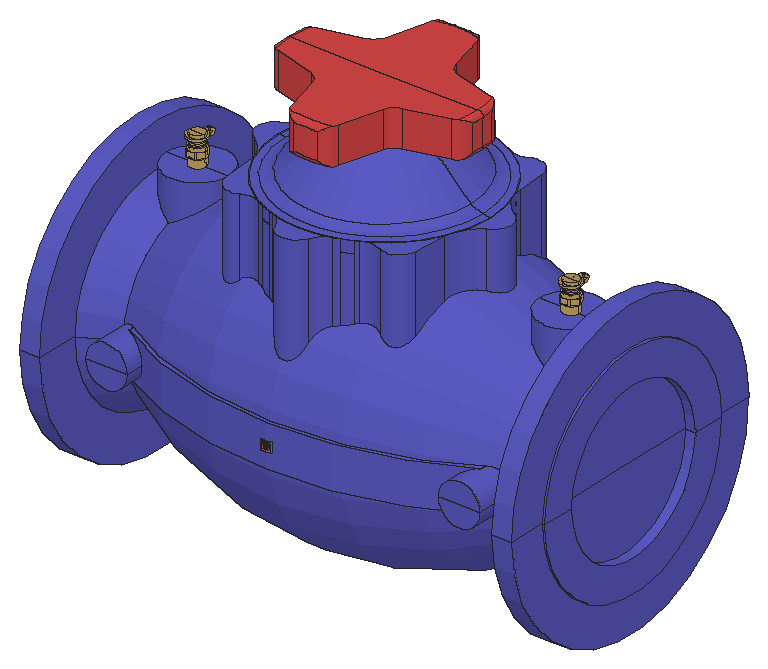
Revit family "HERZ Strömax Балансировочный клапан с измерительными клапанами, шпиндель прямой 4218 GMF", category Rohrzubehör, Revit 2020
Family settings
  Bemaßung runder Anschluss = Durchmesser verwenden
  Teiletyp = Unterbricht
  OmniClass-Nummer = 23.65.55.14
  OmniClass-Titel = Valves for Liquid Services
  Arbeitsebenenbasiert = Nein
  Immer vertikal = Ja
  Beim Laden mit Abzugskörper schneiden = Nein
  Gemeinsam genutzt = Nein
Parameters
  Среда = "Допускается использование этилен- и пропиленгликоля в концентрации смеси 25-50% объема.\r\nКачество теплоносителя в соответствии с ÖNORM H 5195 и VDI 2035."
  Область применения = "Для гидравлической балансировки в системах отопления или охлаждения, регулирования и перекрытия трубопроводов, стояков, теплообменников, регистров отопления и охлаждения."
  Номер заказа [instance] = size_lookup("4218_GMF_", "Artnr", 0, Nennweite)  # 1421851
  Макс. рабочее давление = 1600000.0 Pa  # constant formula
  Макс. рабочая температура (с DN40) = 110 °C  # constant formula
  Макс. рабочая температура (до DN32) = 130 °C  # constant formula
  Корпус = "чугун GJL 250 по EN 1561"  # constant formula
  Исполнение = "STRÖMAX-GMF-Балансировочный клапан с измерительными клапанами DN 25 - 150:\r\nШпиндель прямой, корпус из чугуна GJL 250 по EN 1561, фланцевое исполнение EN 1092, PN 16, синего цвета.\r\nБуксы клапана до DN 100 из латуни, резьбовое соединение, от DN 125 буксы клапана из чугуна, с неподнимающимся шпинделем.\r\nУплотнение шпинделя при помощи двойного кольцевого уплотнения.\r\nПредварительная настройка производится посредством ограничения хода с помощью внутреннего шпинделя, цифровые показания ступени преднастройки считываются в окошке маховика.\r\nДва измерительных клапана монтируются сверху, по обе стороны маховика."
  Измерение перепада давления = "Клапан балансировочный STRÖMAX-GMF укомплектован двумя измерительными клапанами:\r\nпри применении соответствующего измерительного прибора можно измерить перепад давления и по диаграмме определить текущий расход в зависимости от ступени настройки.\r\nНа экране измерительного прибора высвечивается текущее значение расхода (см. руководство по измерительным приборам)."
  kvs-значения [instance] = if(Nennweite = 25.00 mm, 11.53, if(Nennweite = 32.00 mm, 16.6, if(Nennweite = 40.00 mm, 28.6, if(Nennweite = 50.00 mm, 37.84, if(Nennweite = 65.00 mm, 60.3, if(Nennweite = 80.00 mm, 67.8, if(Nennweite = 100.00 mm, 99.55, if(Nennweite = 125.00 mm, 186.58, if(Nennweite = 150.00 mm, 279.05, 0)))))))))  # 279.05
  W02 = 60.00°  # constant formula
  W01 [instance] = if(Nennweite = 25.00 mm, 10.00°, if(Nennweite = 32.00 mm, 10.00°, if(Nennweite = 40.00 mm, 15.00°, if(Nennweite = 50.00 mm, 10.00°, if(Nennweite = 65.00 mm, 25.00°, if(Nennweite = 80.00 mm, 25.00°, 0.80°))))))  # 0.80°
  Букса (до DN100) = "латунь"  # constant formula
  Букса (от DN125) = "чугун"  # constant formula
  Vorgabe-Ansicht = 0.00 mm
  URL = "www.herz-armaturen.ru"
  SCRNSEQ = "ARM;ARM_TYP=\"STRV\";2"
  SCRNCODE = "05;07;02"  # constant formula
  S01 [instance] = Nennweite + 10.00 mm  # 160.00 mm
  R02 [instance] = size_lookup("4218_GMF_", "R2", 1.00 mm, Nennweite)  # 30.00 mm
  R01 [instance] = size_lookup("4218_GMF_", "R1", 1.00 mm, Nennweite)  # 20.00 mm
  O-Ring = "EPDM"  # constant formula
  Nennweite [instance] = 150.00 mm
  L03 [instance] = size_lookup("4218_GMF_", "L3", 1.00 mm, Nennweite)  # 180.00 mm
  L02 [instance] = size_lookup("4218_GMF_", "L2", 1.00 mm, Nennweite)  # 170.00 mm
  L01 [instance] = size_lookup("4218_GMF_", "L1", 1.00 mm, Nennweite)  # 185.00 mm
  L00 [instance] = size_lookup("4218_GMF_", "L", 1.00 mm, Nennweite)  # 480.00 mm
  Hersteller = "HERZ Armaturen Ges.m.b.H."  # constant formula
  H08 [instance] = H02 + H04  # 238.50 mm
  H07 = 10.00 mm  # constant formula
  H06 [instance] = size_lookup("4218_GMF_", "H6", 1.00 mm, Nennweite)  # 56.00 mm
  H05 [instance] = size_lookup("4218_GMF_", "H5", 1.00 mm, Nennweite)  # 11.00 mm
  H04 [instance] = size_lookup("4218_GMF_", "H4", 1.00 mm, Nennweite)  # 78.50 mm
  H03 [instance] = size_lookup("4218_GMF_", "H3", 1.00 mm, Nennweite)  # 118.00 mm
  H02N [instance] = H02 + 11.00 mm  # 171.00 mm
  H02 [instance] = size_lookup("4218_GMF_", "H2", 1.00 mm, Nennweite)  # 160.00 mm
  H01 [instance] = size_lookup("4218_GMF_", "H1", 1.00 mm, Nennweite)  # 122.00 mm
  GT = 10.00 mm  # constant formula
  FLL02 [instance] = size_lookup("4218_GMF_", "FLL2", 1.00 mm, Nennweite)  # 19.00 mm
  FLL01 [instance] = size_lookup("4218_GMF_", "FLL1", 1.00 mm, Nennweite)  # 3.00 mm
  FLD03 [instance] = size_lookup("4218_GMF_", "FLD3", 1.00 mm, Nennweite)  # 84.20 mm
  FLD02 [instance] = size_lookup("4218_GMF_", "FLD2", 1.00 mm, Nennweite)  # 101.00 mm
  FLD01 [instance] = size_lookup("4218_GMF_", "FLD1", 1.00 mm, Nennweite)  # 106.00 mm
  FLD00 [instance] = size_lookup("4218_GMF_", "FLD", 1.00 mm, Nennweite)  # 142.50 mm
  DN80 [instance] = Nennweite = 80.00 mm  # no
  DN65 [instance] = Nennweite = 65.00 mm  # no
  DN50-DN80 [instance] = or(Nennweite = 50.00 mm, Nennweite = 65.00 mm, Nennweite = 80.00 mm)  # no
  DN50 [instance] = Nennweite = 50.00 mm  # no
  DN40 [instance] = Nennweite = 40.00 mm  # no
  DN32 [instance] = Nennweite = 32.00 mm  # no
  DN25-DN40 [instance] = or(Nennweite = 25.00 mm, Nennweite = 32.00 mm, Nennweite = 40.00 mm)  # no
  DN25 [instance] = Nennweite = 25.00 mm  # no
  DN150 [instance] = Nennweite = 150.00 mm  # yes
  DN125 [instance] = Nennweite = 125.00 mm  # no
  DN100-DN125 [instance] = or(Nennweite = 100.00 mm, Nennweite = 125.00 mm, Nennweite = 150.00 mm)  # yes
  DN100 [instance] = Nennweite = 100.00 mm  # no
  D04 [instance] = size_lookup("4218_GMF_", "D4", 1.00 mm, Nennweite)  # 15.00 mm
  D03 [instance] = size_lookup("4218_GMF_", "D3", 1.00 mm, Nennweite)  # 16.00 mm
  D02 [instance] = size_lookup("4218_GMF_", "D2", 1.00 mm, Nennweite)  # 17.00 mm
  D01 [instance] = size_lookup("4218_GMF_", "D1", 1.00 mm, Nennweite)  # 102.50 mm
  D00 [instance] = size_lookup("4218_GMF_", "D", 1.00 mm, Nennweite)  # 140.00 mm
  BH02 [instance] = -BH01  # -20.00 mm
  BH01 [instance] = if(Nennweite = 25.00 mm, 12.00 mm, if(Nennweite = 32.00 mm, 12.50 mm, if(Nennweite = 40.00 mm, 12.50 mm, if(Nennweite = 50.00 mm, 12.50 mm, if(Nennweite = 65.00 mm, 15.00 mm, if(Nennweite = 80.00 mm, 16.00 mm, if(Nennweite = 100.00 mm, 17.50 mm, if(Nennweite = 125.00 mm, 17.50 mm, if(Nennweite = 150.00 mm, 20.00 mm, 1.00 mm)))))))))  # 20.00 mm
  Anschluss [instance] = Nennweite / 2  # 75.00 mm
Reference planes
  plane 1 "Mitte (Vorne/hinten)": y = 0
  plane 2: z = 0
  plane 3 "Mitte (Links/rechts)": x = 0
Forms (mm)
  Revolve 1, solid, material "Herz-Marineblau", detail levels fine
    sketch origin (1058.943, 0, 0) x (1, 0, 0) y (0, 1, 0)
      loop
        line (-1295.943, 142.5) -> (-1295.943, 106) -> (-1298.943, 106) -> (-1298.943, 75) -> (-1288.943, 75) -> (-1288.943, 0) -> (-828.943, 0) -> (-828.943, 75) -> (-818.943, 75) -> (-818.943, 106) -> (-821.943, 106) -> (-821.943, 142.5) -> (-840.943, 142.5) -> (-840.943, 101) -> (-873.943, 84.2)
        arc (-873.943, 84.2) -> (-1058.943, 140) -> (-1243.943, 84.2) r 334.576
        line (-1243.943, 84.2) -> (-1276.943, 101) -> (-1276.943, 142.5) -> (-1295.943, 142.5)
      axis (-1298.943, 0) -> (-818.943, 0)
    angle from 0 to 360
  Revolve 2, solid, material "Herz-Marineblau", detail levels fine
    sketch origin (0, 0, 0) x (1, 0, 0) y (0, 1, 0)
      loop
        line (-170, 122) -> (-190, 122) -> (-190, -122) -> (-170, -122) -> (-170, 122)
      axis (-170, 122) -> (-170, -122)
    angle from 0 to 360
  Revolve 3, solid, material "Herz-Marineblau", detail levels fine
    sketch origin (0, 0, 0) x (-1, 0, 0) y (0, 1, 0)
      loop
        line (-170, 122) -> (-190, 122) -> (-190, -122) -> (-170, -122) -> (-170, 122)
      axis (-170, 122) -> (-170, -122)
    angle from 0 to 360
  Revolve 4, solid, material "Herz-Marineblau", detail levels fine
    sketch origin (0, 0, 0) x (1, 0, 0) y (0, 0, 1)
      loop
        line (0, 0) -> (0, 160) -> (-102.5, 160) -> (-102.5, 0) -> (0, 0)
      axis (0, 160) -> (0, 0)
    angle from 0 to 360
  Revolve 5, solid, material "Herz-Marineblau", detail levels fine
    sketch origin (0, 0, 0) x (1, 0, 0) y (0, 0, 1)
      loop
        line (-178.413, 4.322) -> (-148.416, 4.741) -> (-150.003, 118.419) -> (-180, 118) -> (-178.413, 4.322)
      axis (-180, 118) -> (-178.413, 4.322)
    angle from 0 to 360
  Revolve 6, solid, material "Herz-Marineblau", detail levels fine
    sketch origin (0, 0, 0) x (-1, 0, 0) y (0, 0, 1)
      loop
        line (-178.413, 4.322) -> (-148.416, 4.741) -> (-150.003, 118.419) -> (-180, 118) -> (-178.413, 4.322)
      axis (-180, 118) -> (-178.413, 4.322)
    angle from 0 to 360
  Extrusion 7, solid, material "Herz-Marineblau", visible <- "DN25", detail levels fine
    sketch origin (0, 0, 0) x (1, 0, 0) y (0, 1, 0)
      loop
        line (-40, 18.232) -> (-40, -18.232)
        arc (-40, -18.232) -> (0, -31) -> (40, -18.232) r 69.038
        line (40, -18.232) -> (40, 18.232)
        arc (40, 18.232) -> (0, 31) -> (-40, 18.232) r 69.038
    from -20 <- "BH02" to 20 <- "BH01"
  Extrusion 8, solid, material "Herz-Marineblau", visible <- "DN32", detail levels fine
    sketch origin (0, 0, 0) x (1, 0, 0) y (0, 1, 0)
      loop
        line (-50, 21.35) -> (-50, -21.35)
        arc (-50, -21.35) -> (0, -37) -> (50, -21.35) r 87.698
        line (50, -21.35) -> (50, 21.35)
        arc (50, 21.35) -> (0, 37) -> (-50, 21.35) r 87.698
    from -20 <- "BH02" to 20 <- "BH01"
  Extrusion 9, solid, material "Herz-Marineblau", visible <- "DN40", detail levels fine
    sketch origin (0, 0, 0) x (1, 0, 0) y (0, 1, 0)
      loop
        arc (-60, -22.89) -> (0, -39) -> (60, -22.89) r 119.787
        line (60, -22.89) -> (60, 22.89)
        arc (60, 22.89) -> (0, 39) -> (-60, 22.89) r 119.787
        line (-60, 22.89) -> (-60, -22.89)
    from -20 <- "BH02" to 20 <- "BH01"
  Extrusion 10, solid, material "Herz-Marineblau", visible <- "DN50", detail levels fine
    sketch origin (0, 0, 0) x (1, 0, 0) y (0, 1, 0)
      loop
        line (70, -31.244) -> (70, 31.244)
        arc (70, 31.244) -> (0, 44) -> (-70, 31.244) r 198.442
        line (-70, 31.244) -> (-70, -31.244)
        arc (-70, -31.244) -> (0, -44) -> (70, -31.244) r 198.442
    from -20 <- "BH02" to 20 <- "BH01"
  Extrusion 11, solid, material "Herz-Marineblau", visible <- "DN65", detail levels fine
    sketch origin (0, 0, 0) x (1, 0, 0) y (0, 1, 0)
      loop
        line (-89, 42.065) -> (-89, -42.065)
        arc (-89, -42.065) -> (0, -53) -> (89, -42.065) r 367.662
        line (89, -42.065) -> (89, 42.065)
        arc (89, 42.065) -> (0, 53) -> (-89, 42.065) r 367.662
    from -20 <- "BH02" to 20 <- "BH01"
  Extrusion 12, solid, material "Herz-Marineblau", visible <- "DN80", detail levels fine
    sketch origin (0, 0, 0) x (1, 0, 0) y (0, 1, 0)
      loop
        arc (-100, -47.474) -> (0, -56.538) -> (100, -47.474) r 556.156
        line (100, -47.474) -> (100, 47.474)
        arc (100, 47.474) -> (0, 56.538) -> (-100, 47.474) r 556.156
        line (-100, 47.474) -> (-100, -47.474)
    from -20 <- "BH02" to 20 <- "BH01"
  Extrusion 13, solid, material "Herz-Marineblau", visible <- "DN100", detail levels fine
    sketch origin (0, 0, 0) x (1, 0, 0) y (0, 1, 0)
      loop
        line (-118, 61.457) -> (-118, -61.457)
        arc (-118, -61.457) -> (0, -84.506) -> (118, -61.457) r 313.571
        line (118, -61.457) -> (118, 61.457)
        arc (118, 61.457) -> (0, 84.506) -> (-118, 61.457) r 313.571
    from -20 <- "BH02" to 20 <- "BH01"
  Extrusion 14, solid, material "Herz-Marineblau", visible <- "DN125", detail levels fine
    sketch origin (0, 0, 0) x (1, 0, 0) y (0, 1, 0)
      loop
        line (-140, 76.087) -> (-140, -76.087)
        arc (-140, -76.087) -> (0, -121.009) -> (140, -76.087) r 240.621
        line (140, -76.087) -> (140, 76.087)
        arc (140, 76.087) -> (0, 121.009) -> (-140, 76.087) r 240.621
    from -20 <- "BH02" to 20 <- "BH01"
  Extrusion 15, solid, material "Herz-Marineblau", visible <- "DN150", detail levels fine
    sketch origin (0, 0, 0) x (1, 0, 0) y (0, 1, 0)
      loop
        arc (-170, -95.905) -> (0, -141.967) -> (170, -95.905) r 336.739
        line (170, -95.905) -> (170, 95.905)
        arc (170, 95.905) -> (0, 141.967) -> (-170, 95.905) r 336.739
        line (-170, 95.905) -> (-170, -95.905)
    from -20 <- "BH02" to 20 <- "BH01"
  Extrusion 16, solid, material "Herz-Marineblau", visible <- "DN125", detail levels fine
    sketch origin (0, 0, 0) x (1, 0, 0) y (0, 1, 0)
      loop
        arc (15.676, 98.149) -> (0, 109.5) -> (-15.676, 98.149) r 16.5
        arc (-15.676, 98.149) -> (-20.502, 90.282) -> (-28.346, 85.419) r 20
        arc (-28.346, 85.419) -> (-34.369, 83.168) -> (-40.215, 80.492) r 90
        arc (-40.215, 80.492) -> (-49.468, 78.32) -> (-58.678, 80.663) r 20
        arc (-58.678, 80.663) -> (-75.166, 79.318) -> (-82.2, 64.344) r 16.5
        line (-82.2, 64.344) -> (-85.23, 28.819)
        arc (-85.23, 28.819) -> (-90.21, 20.539) -> (-98.49, 15.56) r 20
        arc (-98.49, 15.56) -> (-109.5, 0) -> (-98.49, -15.56) r 16.5
        arc (-98.49, -15.56) -> (-90.21, -20.539) -> (-85.23, -28.819) r 20
        line (-85.23, -28.819) -> (-82.2, -64.344)
        arc (-82.2, -64.344) -> (-75.166, -79.318) -> (-58.678, -80.663) r 16.5
        arc (-58.678, -80.663) -> (-49.468, -78.32) -> (-40.215, -80.492) r 20
        arc (-40.215, -80.492) -> (-34.369, -83.168) -> (-28.346, -85.419) r 90
        arc (-28.346, -85.419) -> (-20.502, -90.282) -> (-15.676, -98.149) r 20
        arc (-15.676, -98.149) -> (0, -109.5) -> (15.676, -98.149) r 16.5
        arc (15.676, -98.149) -> (20.502, -90.282) -> (28.346, -85.419) r 20
        arc (28.346, -85.419) -> (34.369, -83.168) -> (40.215, -80.492) r 90
        arc (40.215, -80.492) -> (49.468, -78.32) -> (58.678, -80.663) r 20
        arc (58.678, -80.663) -> (75.166, -79.318) -> (82.2, -64.344) r 16.5
        line (82.2, -64.344) -> (85.23, -28.819)
        arc (85.23, -28.819) -> (90.21, -20.539) -> (98.49, -15.56) r 20
        arc (98.49, -15.56) -> (109.5, 0) -> (98.49, 15.56) r 16.5
        arc (98.49, 15.56) -> (90.21, 20.539) -> (85.23, 28.819) r 20
        line (85.23, 28.819) -> (82.2, 64.344)
        arc (82.2, 64.344) -> (75.166, 79.318) -> (58.678, 80.663) r 16.5
        arc (58.678, 80.663) -> (49.468, 78.32) -> (40.215, 80.492) r 20
        arc (40.215, 80.492) -> (34.369, 83.168) -> (28.346, 85.419) r 90
        arc (28.346, 85.419) -> (20.502, 90.282) -> (15.676, 98.149) r 20
    from 0 to 171 <- "H02N"
  Extrusion 17, solid, material "Herz-Marineblau", visible <- "DN150", detail levels fine
    sketch origin (0, 0, 0) x (1, 0, 0) y (0, 1, 0)
      loop
        arc (16.1, 110.958) -> (0, 122.5) -> (-16.1, 110.958) r 17
        arc (-16.1, 110.958) -> (-21.16, 102.981) -> (-29.318, 98.218) r 19.995
        arc (-29.318, 98.218) -> (-39.225, 94.698) -> (-48.72, 90.181) r 102.5
        arc (-48.72, 90.181) -> (-57.856, 87.781) -> (-67.075, 89.844) r 19.995
        arc (-67.075, 89.844) -> (-82.996, 89.381) -> (-91.547, 75.943) r 17
        line (-91.547, 75.943) -> (-94.4, 39.936)
        arc (-94.4, 39.936) -> (-101.42, 25.402) -> (-113.679, 14.903) r 39.4
        arc (-113.679, 14.903) -> (-122.5, 0) -> (-113.679, -14.903) r 17
        arc (-113.679, -14.903) -> (-101.42, -25.402) -> (-94.4, -39.936) r 39.4
        line (-94.4, -39.936) -> (-91.547, -75.943)
        arc (-91.547, -75.943) -> (-82.996, -89.381) -> (-67.075, -89.844) r 17
        arc (-67.075, -89.844) -> (-57.856, -87.781) -> (-48.72, -90.181) r 19.995
        arc (-48.72, -90.181) -> (-39.225, -94.698) -> (-29.318, -98.218) r 102.5
        arc (-29.318, -98.218) -> (-21.16, -102.981) -> (-16.1, -110.958) r 19.995
        arc (-16.1, -110.958) -> (0, -122.5) -> (16.1, -110.958) r 17
        arc (16.1, -110.958) -> (21.16, -102.981) -> (29.318, -98.218) r 19.995
        arc (29.318, -98.218) -> (39.225, -94.698) -> (48.72, -90.181) r 102.5
        arc (48.72, -90.181) -> (57.856, -87.781) -> (67.075, -89.844) r 19.995
        arc (67.075, -89.844) -> (82.996, -89.381) -> (91.547, -75.943) r 17
        line (91.547, -75.943) -> (93.96, -45.484)
        arc (93.96, -45.484) -> (99.132, -28.867) -> (110.958, -16.1) r 39.4
        arc (110.958, -16.1) -> (122.5, 0) -> (110.958, 16.1) r 17
        arc (110.958, 16.1) -> (99.132, 28.867) -> (93.96, 45.484) r 39.4
        line (93.96, 45.484) -> (91.547, 75.943)
        arc (91.547, 75.943) -> (82.996, 89.381) -> (67.075, 89.844) r 17
        arc (67.075, 89.844) -> (57.856, 87.781) -> (48.72, 90.181) r 19.995
        arc (48.72, 90.181) -> (39.225, 94.698) -> (29.318, 98.218) r 102.5
        arc (29.318, 98.218) -> (21.16, 102.981) -> (16.1, 110.958) r 19.995
    from 0 to 171 <- "H02N"
  Revolve 18, solid, material "Herz-Marineblau", detail levels fine
    sketch origin (0, 0, 0) x (1, 0, 0) y (0, 0, 1)
      loop
        line (0, 160) -> (0, 238.5) -> (-15, 238.5) -> (-15, 228.5) -> (-16, 228.5) -> (-16, 227) -> (-17, 227) -> (-17, 171) -> (-102.5, 171) -> (-102.5, 160) -> (0, 160)
      axis (0, 238.5) -> (0, 160)
    angle from 0 to 360
  Revolve 19, solid, material "Herz-Marineblau", visible <- "DN125", detail levels fine
    sketch origin (0, 0, 143) x (1, 0, 0) y (0, 0, 1)
      loop
        line (0, 0) -> (0, 62) -> (-15, 62) -> (-15, 52) -> (-21.8, 52)
        arc (-21.8, 52) -> (-23.44, 48.297) -> (-27.284, 47.023) r 5
        arc (-27.284, 47.023) -> (-30.294, 46.63) -> (-32.827, 44.959) r 6.752
        arc (-32.827, 44.959) -> (-52.854, 27.042) -> (-71.197, 7.406) r 300
        arc (-71.197, 7.406) -> (-77.249, 2.612) -> (-84.666, 0.467) r 20
        line (-84.666, 0.467) -> (-90, 0) -> (0, 0)
      axis (0, 62) -> (0, 0)
    angle from 0 to 360
  Revolve 20, solid, material "Herz-Marineblau", visible <- "DN150", detail levels fine
    sketch origin (0, 0, 171) x (1, 0, 0) y (0, 0, 1)
      loop
        line (0, 67.5) -> (-15, 67.5) -> (-15, 57.5) -> (-21.8, 57.5)
        arc (-21.8, 57.5) -> (-23.44, 53.797) -> (-27.284, 52.523) r 5
        arc (-27.284, 52.523) -> (-29.026, 52.21) -> (-30.549, 51.31) r 5
        arc (-30.549, 51.31) -> (-58.499, 29.932) -> (-83.754, 5.428) r 300
        arc (-83.754, 5.428) -> (-89.037, 2.148) -> (-95.072, 0.65) r 20
        line (-95.072, 0.65) -> (-102.5, 0) -> (0, 0) -> (0, 67.5)
      axis (0, 67.5) -> (0, 0)
    angle from 0 to 360
Lines and regions (mm)
  model lines, detail levels coarse+medium
    curve 1: line (-240, 0, 142.5) -> (-240, 0, -142.5)
    curve 2: line (-240, 0, -142.5) -> (240, 0, 142.5)
    curve 3: line (240, 0, 142.5) -> (240, 0, -142.5)
    curve 4: line (240, 0, -142.5) -> (-240, 0, 142.5)
    curve 5: line (0, 0, 0) -> (137.698, 0, 238.5)
    curve 6: line (68.416, 0, 278.5) -> (206.98, 0, 198.5)
    curve 7: line (-240, 142.5, 0) -> (-240, -142.5, 0)
    curve 8: line (-240, -142.5, 0) -> (240, 142.5, 0)
    curve 9: line (240, 142.5, 0) -> (240, -142.5, 0)
    curve 10: line (240, -142.5, 0) -> (-240, 142.5, 0)
    curve 11: line (0, 0, 0) -> (137.698, 238.5, 0)
    curve 12: line (68.416, 278.5, 0) -> (206.98, 198.5, 0)
Dimensions and locks
  "FLD00": plane 1 "Mitte (Vorne/hinten)" to Revolve 1 sketch curve
  "FLD01": plane 1 "Mitte (Vorne/hinten)" to Revolve 1 sketch curve
  "FLD02": plane 1 "Mitte (Vorne/hinten)" to Revolve 1 sketch curve  (x2)
  "FLD03": plane 1 "Mitte (Vorne/hinten)" to Revolve 1 sketch curve  (x2)
  "GT": Revolve 1 sketch curve to Revolve 1 sketch curve  (x2)
  "FLL01": Revolve 1 sketch curve to Revolve 1 sketch curve  (x2)
  "FLL02": Revolve 1 sketch curve to Revolve 1 sketch curve  (x2)
  equal spacing: Revolve 1 sketch curve, plane 3 "Mitte (Links/rechts)", Revolve 1 sketch curve
  "Anschluss": Revolve 1 sketch curve to plane 1 "Mitte (Vorne/hinten)"
  "Anschluss": plane 1 "Mitte (Vorne/hinten)" to Revolve 1 sketch curve
  "FLD01": Revolve 1 sketch curve to plane 1 "Mitte (Vorne/hinten)"
  "FLD00": Revolve 1 sketch curve to plane 1 "Mitte (Vorne/hinten)"
  "L00": Revolve 1 sketch curve to Revolve 1 sketch curve
  "D00": plane 1 "Mitte (Vorne/hinten)" to Revolve 1 sketch curve
  "L01": Revolve 1 sketch curve to plane 3 "Mitte (Links/rechts)" to Revolve 1 sketch curve
  "L02": Revolve 2 sketch curve to plane 3 "Mitte (Links/rechts)"
  "R01": Revolve 2 sketch curve to Revolve 2 sketch curve
  "H01": Revolve 2 sketch curve to plane 1 "Mitte (Vorne/hinten)" to Revolve 2 sketch curve
  "L02": plane 3 "Mitte (Links/rechts)" to Revolve 3 sketch curve
  "R01": Revolve 3 sketch curve to Revolve 3 sketch curve
  "H01": Revolve 3 sketch curve to plane 1 "Mitte (Vorne/hinten)" to Revolve 3 sketch curve
  "D01": plane 3 "Mitte (Links/rechts)" to Revolve 4 sketch curve
  "H02": Revolve 4 sketch curve to plane 2
  "H03": Revolve 5 sketch curve to plane 2  (x2)
  "R02": Revolve 5 sketch curve to Revolve 5 sketch curve
  "L03": plane 3 "Mitte (Links/rechts)" to Revolve 5 sketch curve  (x2)
  "R02": Revolve 6 sketch curve to Revolve 6 sketch curve
  "L03": Revolve 6 sketch curve to plane 3 "Mitte (Links/rechts)"  (x2)
  "H03": Revolve 6 sketch curve to plane 2  (x2)
  "D01": plane 3 "Mitte (Links/rechts)" to Revolve 18 sketch curve
  "D02": plane 3 "Mitte (Links/rechts)" to Revolve 18 sketch curve
  "D03": plane 3 "Mitte (Links/rechts)" to Revolve 18 sketch curve
  "D04": plane 3 "Mitte (Links/rechts)" to Revolve 18 sketch curve
  "H02": Revolve 18 sketch curve to plane 2
  "H04": Revolve 18 sketch curve to Revolve 18 sketch curve
  "H05": Revolve 18 sketch curve to Revolve 18 sketch curve
  "H06": Revolve 18 sketch curve to Revolve 18 sketch curve
  "H07": Revolve 18 sketch curve to Revolve 18 sketch curve
  "H08": nested 28 to plane 2
  "H08": nested 29 to plane 2
  "H08": nested 30 to plane 2
  "FLD00": curve 4 to plane 2 to curve 2
  "FLD00": curve 3 to plane 2 to curve 4
  equal spacing: curve 1, plane 3 "Mitte (Links/rechts)", curve 3
  "L00": curve 1 to curve 3
  equal spacing: curve 1, curve 5, curve 3
  "H08": curve 5 to plane 2
  equal spacing: curve 6, curve 5, curve 6
  "S01": curve 6 to curve 6
  "FLD00": curve 8 to plane 1 "Mitte (Vorne/hinten)" to curve 10
  "FLD00": curve 10 to plane 1 "Mitte (Vorne/hinten)" to curve 9
  equal spacing: curve 7, plane 3 "Mitte (Links/rechts)", curve 9
  "L00": curve 7 to curve 9
  equal spacing: curve 7, curve 11, curve 9
  "H08": plane 1 "Mitte (Vorne/hinten)" to curve 11
  equal spacing: curve 12, curve 11, curve 12
  "S01": curve 12 to curve 12
  "W01": angle plane 3 "Mitte (Links/rechts)" to Revolve 5 sketch curve  (x2)
  "W01": angle Revolve 6 sketch curve to plane 3 "Mitte (Links/rechts)"  (x2)
  "W02": angle plane 2 to curve 5
  "W02": angle plane 1 "Mitte (Vorne/hinten)" to curve 11
  aligned and locked: level to plane 2
Automatic sketch dimensions
  Extrusion 7 sketch curve to plane 3 "Mitte (Links/rechts)" = 0.00 mm  (x2)
  Extrusion 7 sketch curve to plane 1 "Mitte (Vorne/hinten)" = 18.232 mm  (x2)
  Extrusion 7 sketch curve to plane 3 "Mitte (Links/rechts)" = 40.00 mm
  plane 1 "Mitte (Vorne/hinten)" to Extrusion 7 sketch curve = 18.232 mm
  plane 1 "Mitte (Vorne/hinten)" to Extrusion 7 sketch curve = 38.038 mm
  Extrusion 7 sketch curve to plane 1 "Mitte (Vorne/hinten)" = 38.038 mm
  Extrusion 8 sketch curve to plane 3 "Mitte (Links/rechts)" = 0.00 mm  (x2)
  plane 1 "Mitte (Vorne/hinten)" to Extrusion 8 sketch curve = 21.35 mm  (x2)
  Extrusion 8 sketch curve to plane 3 "Mitte (Links/rechts)" = 50.00 mm
  plane 1 "Mitte (Vorne/hinten)" to Extrusion 8 sketch curve = 50.698 mm
  Extrusion 8 sketch curve to plane 1 "Mitte (Vorne/hinten)" = 21.35 mm
  Extrusion 8 sketch curve to plane 1 "Mitte (Vorne/hinten)" = 50.698 mm
  Extrusion 9 sketch curve to plane 3 "Mitte (Links/rechts)" = 0.00 mm  (x2)
  Extrusion 9 sketch curve to plane 1 "Mitte (Vorne/hinten)" = 22.89 mm  (x2)
  Extrusion 9 sketch curve to plane 3 "Mitte (Links/rechts)" = 60.00 mm
  plane 1 "Mitte (Vorne/hinten)" to Extrusion 9 sketch curve = 22.89 mm
  plane 1 "Mitte (Vorne/hinten)" to Extrusion 9 sketch curve = 80.787 mm
  Extrusion 9 sketch curve to plane 1 "Mitte (Vorne/hinten)" = 80.787 mm
  Extrusion 10 sketch curve to plane 3 "Mitte (Links/rechts)" = 0.00 mm  (x2)
  plane 1 "Mitte (Vorne/hinten)" to Extrusion 10 sketch curve = 31.244 mm  (x2)
  Extrusion 10 sketch curve to plane 3 "Mitte (Links/rechts)" = 70.00 mm
  Extrusion 10 sketch curve to Extrusion 10 sketch curve = 123.198 mm  (x2)
  Extrusion 10 sketch curve to plane 1 "Mitte (Vorne/hinten)" = 31.244 mm
  Extrusion 11 sketch curve to plane 3 "Mitte (Links/rechts)" = 0.00 mm  (x2)
  plane 1 "Mitte (Vorne/hinten)" to Extrusion 11 sketch curve = 42.065 mm  (x2)
  Extrusion 11 sketch curve to plane 3 "Mitte (Links/rechts)" = 89.00 mm
  Extrusion 11 sketch curve to Extrusion 11 sketch curve = 272.597 mm  (x2)
  Extrusion 11 sketch curve to plane 1 "Mitte (Vorne/hinten)" = 42.065 mm
  Extrusion 12 sketch curve to plane 3 "Mitte (Links/rechts)" = 0.00 mm  (x2)
  Extrusion 12 sketch curve to plane 1 "Mitte (Vorne/hinten)" = 47.474 mm
  Extrusion 12 sketch curve to plane 3 "Mitte (Links/rechts)" = 100.00 mm
  plane 1 "Mitte (Vorne/hinten)" to Extrusion 12 sketch curve = 47.474 mm
  plane 3 "Mitte (Links/rechts)" to Extrusion 12 sketch curve = 100.00 mm
  Extrusion 12 sketch curve to Extrusion 12 sketch curve = 452.143 mm  (x2)
  Extrusion 13 sketch curve to plane 3 "Mitte (Links/rechts)" = 0.00 mm  (x2)
  plane 1 "Mitte (Vorne/hinten)" to Extrusion 13 sketch curve = 61.457 mm  (x2)
  Extrusion 13 sketch curve to plane 3 "Mitte (Links/rechts)" = 118.00 mm
  Extrusion 13 sketch curve to Extrusion 13 sketch curve = 167.608 mm  (x2)
  Extrusion 13 sketch curve to plane 1 "Mitte (Vorne/hinten)" = 61.457 mm
  Extrusion 14 sketch curve to plane 3 "Mitte (Links/rechts)" = 0.00 mm  (x2)
  plane 1 "Mitte (Vorne/hinten)" to Extrusion 14 sketch curve = 76.087 mm  (x2)
  Extrusion 14 sketch curve to plane 3 "Mitte (Links/rechts)" = 140.00 mm
  plane 1 "Mitte (Vorne/hinten)" to Extrusion 14 sketch curve = 119.612 mm
  Extrusion 14 sketch curve to plane 1 "Mitte (Vorne/hinten)" = 76.087 mm
  Extrusion 14 sketch curve to plane 1 "Mitte (Vorne/hinten)" = 119.612 mm
  Extrusion 15 sketch curve to plane 3 "Mitte (Links/rechts)" = 0.00 mm  (x2)
  Extrusion 15 sketch curve to plane 1 "Mitte (Vorne/hinten)" = 95.905 mm  (x2)
  Extrusion 15 sketch curve to plane 3 "Mitte (Links/rechts)" = 170.00 mm
  plane 1 "Mitte (Vorne/hinten)" to Extrusion 15 sketch curve = 95.905 mm
  plane 1 "Mitte (Vorne/hinten)" to Extrusion 15 sketch curve = 194.771 mm
  Extrusion 15 sketch curve to plane 1 "Mitte (Vorne/hinten)" = 194.771 mm
  plane 1 "Mitte (Vorne/hinten)" to Extrusion 16 sketch curve = 0.00 mm  (x2)
  Extrusion 16 sketch curve to plane 3 "Mitte (Links/rechts)" = 0.00 mm  (x2)
  plane 1 "Mitte (Vorne/hinten)" to Extrusion 16 sketch curve = 0.047 mm  (x2)
  Extrusion 16 sketch curve to plane 3 "Mitte (Links/rechts)" = 0.141 mm
  Extrusion 16 sketch curve to plane 1 "Mitte (Vorne/hinten)" = 0.047 mm  (x2)
  Extrusion 16 sketch curve to Extrusion 16 sketch curve = 0.00 mm  (x10)
  Extrusion 16 sketch curve to plane 3 "Mitte (Links/rechts)" = 34.677 mm  (x2)
  Extrusion 16 sketch curve to Extrusion 16 sketch curve = 14.605 mm  (x4)
  Extrusion 16 sketch curve to Extrusion 16 sketch curve = 16.479 mm  (x4)
  Extrusion 16 sketch curve to Extrusion 16 sketch curve = 16.439 mm  (x4)
  Extrusion 16 sketch curve to Extrusion 16 sketch curve = 3.03 mm  (x4)
  plane 1 "Mitte (Vorne/hinten)" to Extrusion 16 sketch curve = 28.819 mm  (x2)
  Extrusion 16 sketch curve to Extrusion 16 sketch curve = 7.77 mm  (x2)
  Extrusion 16 sketch curve to Extrusion 16 sketch curve = 19.122 mm  (x4)
  plane 3 "Mitte (Links/rechts)" to Extrusion 16 sketch curve = 0.141 mm
  plane 3 "Mitte (Links/rechts)" to Extrusion 16 sketch curve = 34.677 mm  (x2)
  Extrusion 16 sketch curve to Extrusion 16 sketch curve = 5.862 mm  (x4)
  Extrusion 16 sketch curve to Extrusion 16 sketch curve = 35.525 mm  (x4)
  Extrusion 16 sketch curve to Extrusion 16 sketch curve = 1.417 mm  (x4)
  Extrusion 16 sketch curve to Extrusion 16 sketch curve = 27.239 mm  (x2)
  Extrusion 16 sketch curve to Extrusion 16 sketch curve = 32.558 mm  (x4)
  Extrusion 16 sketch curve to Extrusion 16 sketch curve = 6.072 mm  (x4)
  Extrusion 16 sketch curve to plane 1 "Mitte (Vorne/hinten)" = 28.819 mm  (x2)
  Extrusion 16 sketch curve to plane 3 "Mitte (Links/rechts)" = 15.676 mm  (x2)
  Extrusion 16 sketch curve to Extrusion 16 sketch curve = 11.869 mm  (x4)
  Extrusion 16 sketch curve to plane 1 "Mitte (Vorne/hinten)" = 15.56 mm
  plane 1 "Mitte (Vorne/hinten)" to Extrusion 16 sketch curve = 15.56 mm
  Extrusion 17 sketch curve to Extrusion 17 sketch curve = 0.00 mm  (x25)
  plane 1 "Mitte (Vorne/hinten)" to Extrusion 17 sketch curve = 0.00 mm  (x3)
  Extrusion 17 sketch curve to plane 3 "Mitte (Links/rechts)" = 0.00 mm  (x3)
  Extrusion 17 sketch curve to plane 3 "Mitte (Links/rechts)" = 35.037 mm  (x2)
  Extrusion 17 sketch curve to Extrusion 17 sketch curve = 23.187 mm  (x4)
  Extrusion 17 sketch curve to Extrusion 17 sketch curve = 16.376 mm  (x4)
  Extrusion 17 sketch curve to Extrusion 17 sketch curve = 16.947 mm  (x4)
  Extrusion 17 sketch curve to plane 1 "Mitte (Vorne/hinten)" = 39.936 mm
  Extrusion 17 sketch curve to Extrusion 17 sketch curve = 2.853 mm  (x2)
  plane 1 "Mitte (Vorne/hinten)" to Extrusion 17 sketch curve = 39.936 mm
  Extrusion 17 sketch curve to Extrusion 17 sketch curve = 11.10 mm
  Extrusion 17 sketch curve to Extrusion 17 sketch curve = 38.236 mm  (x2)
  plane 3 "Mitte (Links/rechts)" to Extrusion 17 sketch curve = 35.037 mm  (x2)
  plane 1 "Mitte (Vorne/hinten)" to Extrusion 17 sketch curve = 45.484 mm
  Extrusion 17 sketch curve to Extrusion 17 sketch curve = 2.414 mm  (x2)
  Extrusion 17 sketch curve to plane 1 "Mitte (Vorne/hinten)" = 45.484 mm
  Extrusion 17 sketch curve to Extrusion 17 sketch curve = 11.54 mm
  Extrusion 17 sketch curve to Extrusion 17 sketch curve = 39.277 mm  (x2)
  Extrusion 17 sketch curve to Extrusion 17 sketch curve = 3.113 mm  (x2)
  Extrusion 17 sketch curve to Extrusion 17 sketch curve = 9.507 mm  (x2)
  Extrusion 17 sketch curve to Extrusion 17 sketch curve = 29.116 mm  (x2)
  Extrusion 17 sketch curve to Extrusion 17 sketch curve = 34.664 mm  (x2)
  Extrusion 17 sketch curve to Extrusion 17 sketch curve = 1.343 mm  (x4)
  Extrusion 17 sketch curve to Extrusion 17 sketch curve = 30.90 mm  (x2)
  Extrusion 17 sketch curve to Extrusion 17 sketch curve = 33.174 mm  (x4)
  Extrusion 17 sketch curve to Extrusion 17 sketch curve = 9.604 mm  (x4)
  Extrusion 17 sketch curve to plane 3 "Mitte (Links/rechts)" = 16.10 mm  (x2)
  plane 1 "Mitte (Vorne/hinten)" to Extrusion 17 sketch curve = 16.10 mm
  Revolve 19 sketch curve to plane 3 "Mitte (Links/rechts)" = 0.00 mm  (x2)
  Revolve 19 sketch curve to Revolve 19 sketch curve = 15.00 mm
  Revolve 19 sketch curve to Revolve 19 sketch curve = 6.80 mm
  Revolve 19 sketch curve to Revolve 19 sketch curve = 5.00 mm
  Revolve 19 sketch curve to Revolve 19 sketch curve = 1.137 mm
  Revolve 19 sketch curve to Revolve 19 sketch curve = 56.729 mm
  Revolve 19 sketch curve to Revolve 19 sketch curve = 1.743 mm
  Revolve 19 sketch curve to Revolve 19 sketch curve = 5.334 mm
  Revolve 19 sketch curve to level = 44.36 mm
  plane 3 "Mitte (Links/rechts)" to Revolve 19 sketch curve = 156.983 mm
  level to Revolve 19 sketch curve = 143.00 mm
  Revolve 19 sketch curve to Revolve 19 sketch curve = 0.467 mm
  Revolve 19 sketch curve to Revolve 19 sketch curve = 19.924 mm
  Revolve 19 sketch curve to Revolve 19 sketch curve = 40.303 mm
  Revolve 19 sketch curve to Revolve 19 sketch curve = 11.697 mm
  Revolve 19 sketch curve to Revolve 19 sketch curve = 10.00 mm
  Revolve 19 sketch curve to Revolve 19 sketch curve = 0.00 mm
  Revolve 19 sketch curve to Revolve 19 sketch curve = 5.544 mm
  Revolve 19 sketch curve to level = 223.045 mm
  Revolve 19 sketch curve to Revolve 19 sketch curve = 2152.315 mm
  level to Revolve 20 sketch curve = 171.00 mm
  Revolve 20 sketch curve to plane 3 "Mitte (Links/rechts)" = 0.00 mm  (x2)
  Revolve 20 sketch curve to plane 3 "Mitte (Links/rechts)" = 15.00 mm
  Revolve 20 sketch curve to Revolve 20 sketch curve = 6.80 mm
  Revolve 20 sketch curve to Revolve 20 sketch curve = 5.00 mm
  Revolve 20 sketch curve to Revolve 20 sketch curve = 0.484 mm
  level to Revolve 20 sketch curve = 171.65 mm
  Revolve 20 sketch curve to Revolve 20 sketch curve = 67.788 mm
  Revolve 20 sketch curve to Revolve 20 sketch curve = 1.743 mm
  Revolve 20 sketch curve to Revolve 20 sketch curve = 7.428 mm
  plane 3 "Mitte (Links/rechts)" to Revolve 20 sketch curve = 137.422 mm
  Revolve 20 sketch curve to level = 26.257 mm
  Revolve 20 sketch curve to Revolve 20 sketch curve = 19.924 mm
  level to Revolve 20 sketch curve = 218.523 mm
  Revolve 20 sketch curve to Revolve 20 sketch curve = 9.977 mm
  Revolve 20 sketch curve to Revolve 20 sketch curve = 10.00 mm
  Revolve 20 sketch curve to Revolve 20 sketch curve = 3.265 mm
  Revolve 20 sketch curve to Revolve 20 sketch curve = 168.787 mm
  Revolve 20 sketch curve to Revolve 20 sketch curve = 2146.815 mm
  plane 1 "Mitte (Vorne/hinten)" to Revolve 1 sketch curve = 0.00 mm  (x2)
  Revolve 1 sketch curve to Revolve 1 sketch curve = 35.00 mm
  Revolve 1 sketch curve to Revolve 1 sketch curve = 40.00 mm
  Revolve 2 sketch curve to Revolve 2 sketch curve = 0.00 mm  (x3)
  Revolve 3 sketch curve to Revolve 3 sketch curve = 0.00 mm  (x3)
  Revolve 4 sketch curve to level = 0.00 mm
  Revolve 4 sketch curve to plane 3 "Mitte (Links/rechts)" = 0.00 mm  (x2)
  Revolve 4 sketch curve to Revolve 4 sketch curve = 366.045 mm
  Revolve 4 sketch curve to Revolve 4 sketch curve = 2169.315 mm
  level to Revolve 5 sketch curve = 4.322 mm
  Revolve 6 sketch curve to level = 4.322 mm
  Revolve 18 sketch curve to plane 3 "Mitte (Links/rechts)" = 0.00 mm  (x2)
  Revolve 18 sketch curve to level = 366.045 mm
  Revolve 18 sketch curve to Revolve 18 sketch curve = 2130.015 mm
Nested families
  nested 1: "Herz-Logo-vorne" at (0, -31, 0) x (0, 1, 0) z (0, 0, 1), visible <- "DN25", type "Herz-Logo-vorne", detail levels fine
  nested 2: "Herz-Logo-vorne" at (0, -36.982, 0) x (0, 1, 0) z (0, 0, 1), visible <- "DN32", type "Herz-Logo-vorne", detail levels fine
  nested 3: "Herz-Logo-vorne" at (0, -39, 0) x (0, 1, 0) z (0, 0, 1), visible <- "DN40", type "Herz-Logo-vorne", detail levels fine
  nested 4: "Herz-Logo-vorne" at (0, -44, 0) x (0, 1, 0) z (0, 0, 1), visible <- "DN50", type "Herz-Logo-vorne", detail levels fine
  nested 5: "Herz-Logo-vorne" at (0, -52.982, 0) x (0, 1, 0) z (0, 0, 1), visible <- "DN65", type "Herz-Logo-vorne", detail levels fine
  nested 6: "Herz-Logo-vorne" at (0, -56.521, 0) x (0, 1, 0) z (0, 0, 1), visible <- "DN80", type "Herz-Logo-vorne", detail levels fine
  nested 7: "Herz-Logo-vorne" at (0, -84.489, 0) x (0, 1, 0) z (0, 0, 1), visible <- "DN100", type "Herz-Logo-vorne", detail levels fine
  nested 8: "Herz-Logo-vorne" at (0, -120.991, 0) x (0, 1, 0) z (0, 0, 1), visible <- "DN125", type "Herz-Logo-vorne", detail levels fine
  nested 9: "Herz-Logo-vorne" at (0, -141.95, 0) x (0, 1, 0) z (0, 0, 1), visible <- "DN150", type "Herz-Logo-vorne", detail levels fine
  nested 10: "Messstutzen_Band_Austritt_senkrecht_(oben 10)" at (40.437, 0, 23.137), visible <- "DN25", type "Messstutzen_Band_Austritt_senkrecht_(oben 10)"
    with Schutzkappe yes, Nennweite 0.00 mm, Gewicht 0.00 kg, Bestellnummer 0
  nested 11: "Messstutzen_Band_Austritt_senkrecht_(oben 10)" at (46.437, 0, 23.137), visible <- "DN32", type "Messstutzen_Band_Austritt_senkrecht_(oben 10)"
    with Schutzkappe yes, Nennweite 0.00 mm, Gewicht 0.00 kg, Bestellnummer 0
  nested 12: "Messstutzen_Band_Austritt_senkrecht_(oben 15)" at (49.671, 0, 29.307), visible <- "DN40", type "Messstutzen_Band_Austritt_senkrecht_(oben 15)"
    with Schutzkappe yes, Nennweite 0.00 mm, Gewicht 0.00 kg, Bestellnummer 0
  nested 13: "Messstutzen_Band_Austritt_senkrecht_(oben 10)" at (63.437, 0, 39.137), visible <- "DN50", type "Messstutzen_Band_Austritt_senkrecht_(oben 10)"
    with Schutzkappe yes, Nennweite 0.00 mm, Gewicht 0.00 kg, Bestellnummer 0
  nested 14: "Messstutzen_Band_Austritt_senkrecht_(oben 25)" at (73.196, 0, 51.843), visible <- "DN65", type "Messstutzen_Band_Austritt_senkrecht_(oben 25)"
    with Schutzkappe yes, Nennweite 0.00 mm, Gewicht 0.00 kg, Bestellnummer 0
  nested 15: "Messstutzen_Band_Austritt_senkrecht_(oben 25)" at (81.196, 0, 56.843), visible <- "DN80", type "Messstutzen_Band_Austritt_senkrecht_(oben 25)"
    with Schutzkappe yes, Nennweite 0.00 mm, Gewicht 0.00 kg, Bestellnummer 0
  nested 16: "Messstutzen_Band_Austritt_senkrecht_(oben 0.8)" at (124.874, 0, 67.001), visible <- "DN100", type "Messstutzen_Band_Austritt_senkrecht_(oben 0.8)"
    with Schutzkappe yes, Nennweite 0.00 mm, Gewicht 0.00 kg, Bestellnummer 0
  nested 17: "Messstutzen_Band_Austritt_senkrecht_(oben 0.8)" at (153.874, 0, 91.001), visible <- "DN125", type "Messstutzen_Band_Austritt_senkrecht_(oben 0.8)"
    with Schutzkappe yes, Nennweite 0.00 mm, Gewicht 0.00 kg, Bestellnummer 0
  nested 18: "Messstutzen_Band_Austritt_senkrecht_(oben 0.8)" at (179.874, 0, 109.001), visible <- "DN150", type "Messstutzen_Band_Austritt_senkrecht_(oben 0.8)"
    with Schutzkappe yes, Nennweite 0.00 mm, Gewicht 0.00 kg, Bestellnummer 0
  nested 19: "Messstutzen_Band_Eintritt_senkrecht_(oben 10)" at (-40.437, 0, 23.137), visible <- "DN25", type "Messstutzen_Band_Eintritt_senkrecht_(oben 10)"
    with Schutzkappe yes, Nennweite 0.00 mm, Gewicht 0.00 kg, Bestellnummer 0
  nested 20: "Messstutzen_Band_Eintritt_senkrecht_(oben 10)" at (-46.437, 0, 23.137), visible <- "DN32", type "Messstutzen_Band_Eintritt_senkrecht_(oben 10)"
    with Schutzkappe yes, Nennweite 0.00 mm, Gewicht 0.00 kg, Bestellnummer 0
  nested 21: "Messstutzen_Band_Eintritt_senkrecht_(oben 15)" at (-49.671, 0, 29.307), visible <- "DN40", type "Messstutzen_Band_Eintritt_senkrecht_(oben 15)"
    with Schutzkappe yes, Nennweite 0.00 mm, Gewicht 0.00 kg, Bestellnummer 0
  nested 22: "Messstutzen_Band_Eintritt_senkrecht_(oben 10)" at (-63.437, 0, 39.137), visible <- "DN50", type "Messstutzen_Band_Eintritt_senkrecht_(oben 10)"
    with Schutzkappe yes, Nennweite 0.00 mm, Gewicht 0.00 kg, Bestellnummer 0
  nested 23: "Messstutzen_Band_Eintritt_senkrecht_(oben 25)" at (-73.196, 0, 51.843), visible <- "DN65", type "Messstutzen_Band_Eintritt_senkrecht_(oben 25)"
    with Schutzkappe yes, Nennweite 0.00 mm, Gewicht 0.00 kg, Bestellnummer 0
  nested 24: "Messstutzen_Band_Eintritt_senkrecht_(oben 25)" at (-81.196, 0, 56.843), visible <- "DN80", type "Messstutzen_Band_Eintritt_senkrecht_(oben 25)"
    with Schutzkappe yes, Nennweite 0.00 mm, Gewicht 0.00 kg, Bestellnummer 0
  nested 25: "Messstutzen_Band_Eintritt_senkrecht_(oben 0.8)" at (-124.874, 0, 67.001), visible <- "DN100", type "Messstutzen_Band_Eintritt_senkrecht_(oben 0.8)"
    with Schutzkappe yes, Nennweite 0.00 mm, Gewicht 0.00 kg, Bestellnummer 0
  nested 26: "Messstutzen_Band_Eintritt_senkrecht_(oben 0.8)" at (-153.874, 0, 91.001), visible <- "DN125", type "Messstutzen_Band_Eintritt_senkrecht_(oben 0.8)"
    with Schutzkappe yes, Nennweite 0.00 mm, Gewicht 0.00 kg, Bestellnummer 0
  nested 27: "Messstutzen_Band_Eintritt_senkrecht_(oben 0.8)" at (-179.874, 0, 109.001), visible <- "DN150", type "Messstutzen_Band_Eintritt_senkrecht_(oben 0.8)"
    with Schutzkappe yes, Nennweite 0.00 mm, Gewicht 0.00 kg, Bestellnummer 0
  nested 28: "Strangregulierventil-Handrad-Gerade (Rot) DN15-DN40" at (0, 0, 238.5), visible <- "DN25-DN40", type "Strangregulierventil-Handrad-Gerade (Rot) DN15-DN40"
    with Nennweite 0.00 mm, Gewicht 0.00 kg, Bestellnummer 0
  nested 29: "Strangregulierventil-Handrad-Gerade (Rot) DN50-DN80" at (0, 0, 238.5), visible <- "DN50-DN80", type "Strangregulierventil-Handrad-Gerade (Rot) DN50-DN80"
    with Nennweite 0.00 mm, Gewicht 0.00 kg, Bestellnummer 0
  nested 30: "Strangregulierventil-Handrad-Gerade (Rot) DN100-DN150" at (0, 0, 238.5), visible <- "DN100-DN125", type "Strangregulierventil-Handrad-Gerade (Rot) DN100-DN150"
    with Nennweite 0.00 mm, Gewicht 0.00 kg, Bestellnummer 0
Connectors
  piping at (-240, 0, 0), diameter 150, driven by "Nennweite"
    settings: on Revolve 1, index 1, connector inside diameter 609.6 mm, connector length 0.00 mm, flow factor 0, pipe flow 0.0 L/s, pressure drop 0.0 Pa, fitting loss kfactor 0, connector angle 0.00°, fixture units 0, engagement length 0.00 mm, angle of deflection 0.00°, flow configuration 0, flow direction 1, fitting loss method 0, system type 29, joint type 0, gender type 0, connector reference index -1, connector utility 0, adjustable connector no, is connector primary yes, connector description ""
  piping at (240, 0, 0), diameter 150, driven by "Nennweite"
    settings: on Revolve 1, index 2, connector inside diameter 609.6 mm, connector length 0.00 mm, flow factor 0, pipe flow 0.0 L/s, pressure drop 0.0 Pa, fitting loss kfactor 0, connector angle 0.00°, fixture units 0, engagement length 0.00 mm, angle of deflection 0.00°, flow configuration 0, flow direction 2, fitting loss method 0, system type 29, joint type 0, gender type 0, connector reference index -1, connector utility 0, adjustable connector no, is connector primary no, connector description ""
Definition of nested family "Herz-Logo-vorne"
  Parameters (values of type "Herz-Logo-vorne")
    Default Elevation = 0.00 mm
  Reference planes
    plane 1 "Mitte (Vorne/hinten)": y = 0
    plane 2: z = 0
    plane 3 "Mitte (Links/rechts)": x = 0
  Forms (mm)
    Extrusion 1, solid
      sketch origin (0.732, -0.018, 0.017) x (0, -1, 0) y (0, 0, 1)
        loop
          line (-0.018, -4.517) -> (4.482, -4.517) -> (4.482, 4.483) -> (-4.518, 4.483) -> (-4.518, -4.517) -> (-0.018, -4.517)
        loop
          line (-0.05, -3.48) -> (3.482, -3.48) -> (3.482, 3.483) -> (-3.518, 3.483) -> (-3.518, -3.48) -> (-0.05, -3.48)
        loop
          arc (-0.018, 2.383) -> (-1.543, 3.287) -> (-3.067, 2.383) r 1.738
          arc (-3.067, 2.383) -> (-3.191, 1.899) -> (-3.067, 1.415) r 1.009
          line (-3.067, 1.415) -> (-0.018, -3.281) -> (3.032, 1.415)
          arc (3.032, 1.415) -> (3.156, 1.899) -> (3.032, 2.383) r 1.009
          arc (3.032, 2.383) -> (1.507, 3.287) -> (-0.018, 2.383) r 1.738
        loop
          arc (1.885, 1.272) -> (2.005, 1.675) -> (1.885, 2.079) r 0.74
          arc (1.885, 2.079) -> (1.265, 2.416) -> (0.644, 2.079) r 0.74
          line (0.644, 2.079) -> (-0.018, 0.97) -> (-0.679, 2.079)
          arc (-0.679, 2.079) -> (-1.3, 2.416) -> (-1.921, 2.079) r 0.74
          arc (-1.921, 2.079) -> (-2.04, 1.675) -> (-1.921, 1.272) r 0.74
          line (-1.921, 1.272) -> (-0.018, -1.658) -> (1.885, 1.272)
      from 0 to 1.5
  Dimensions and locks
    aligned and locked: level to plane 2
Definition of nested family "Messstutzen_Band_Austritt_senkrecht_(oben 10)"
  Parameters (values of type "Messstutzen_Band_Austritt_senkrecht_(oben 10)")
    Default Elevation = 0.00 mm
    URL = "www.herz-armaturen.at"
    Schutzkappe [instance] = yes
    Nennweite [instance] = 0.00 mm
    Manufacturer = "Herz Armaturen GmbH"  # constant formula
    Gewicht [instance] = 0.00 kg
    Bestellnummer [instance] = 0
  Reference planes
    plane 1 "Mitte (Vorne/hinten)": y = 0
    plane 2: z = 0
    plane 3 "Mitte (Links/rechts)": x = 0
  Forms (mm)
    Revolve 1, solid, detail levels fine
      sketch origin (0, 0, 0) x (0.984808, 0, -0.173648) y (0.173648, 0, 0.984808)
        loop
          line (-7.4, 9) -> (-5.55, 9) -> (-5.55, 6)
          arc (-5.55, 6) -> (-5.626, 5.617) -> (-5.843, 5.293) r 1
          line (-5.843, 5.293) -> (-6.455, 4.681) -> (-6.455, 0.9) -> (-5.555, 0) -> (-2, 0) -> (-2, 17.5) -> (-8.4, 17.5)
          arc (-8.4, 17.5) -> (-7.693, 17.207) -> (-7.4, 16.5) r 1
          line (-7.4, 16.5) -> (-7.4, 9)
        loop
          line (-3.7, 27) -> (-7.3, 27) -> (-7.9, 26.4) -> (-7.9, 23) -> (-2, 23) -> (-2, 35.8) -> (-3.805, 35.8) -> (-4.415, 35.19) -> (-4.415, 30.863) -> (-3.7, 30.45) -> (-3.7, 27)
        axis (0, 0) -> (0, 35.8)
      angle from 0 to 360
    Extrusion 2, solid, detail levels fine
      sketch origin (3.039, 0, 17.234) x (0, 1, 0) y (-0.984808, 0, 0.173648)
        loop
          arc (-7.07, 5.156) -> (-7.578, 4.375) -> (-8, 3.544) r 8.75
          line (-8, 3.544) -> (-8, -3.544)
          arc (-8, -3.544) -> (-7.578, -4.375) -> (-7.07, -5.156) r 8.75
          line (-7.07, -5.156) -> (-0.93, -8.7)
          arc (-0.93, -8.7) -> (0, -8.75) -> (0.93, -8.7) r 8.75
          line (0.93, -8.7) -> (7.07, -5.156)
          arc (7.07, -5.156) -> (7.578, -4.375) -> (8, -3.544) r 8.75
          line (8, -3.544) -> (8, 3.544)
          arc (8, 3.544) -> (7.578, 4.375) -> (7.07, 5.156) r 8.75
          line (7.07, 5.156) -> (0.93, 8.7)
          arc (0.93, 8.7) -> (0, 8.75) -> (-0.93, 8.7) r 8.75
          line (-0.93, 8.7) -> (-7.07, 5.156)
      from 0 to 5.5
    Revolve 3, solid, visible <- "Schutzkappe", detail levels fine
      sketch origin (0, 0, 0) x (0.984808, 0, -0.173648) y (0.173648, 0, 0.984808)
        loop
          line (0, 35.878) -> (0, 36.678) -> (-7, 36.678) -> (-7, 33.378) -> (-6.1, 33.378) -> (-6.1, 31.678) -> (-6.9, 31.678) -> (-6.9, 30.178) -> (-4.415, 30.178) -> (-4.415, 35.268) -> (-3.805, 35.878) -> (0, 35.878)
        axis (0, 30.178) -> (0, 36.678)
      angle from 0 to 360
    Extrusion 4, solid, detail levels fine
      sketch origin (4.949, 0, 28.067) x (0, 1, 0) y (0.984808, 0, -0.173648)
        loop
          circle (0, 0) r 3.7
        loop
          arc (5.505, -3.906) -> (7.288, -2.358) -> (9.582, -1.8) r 5
          line (9.582, -1.8) -> (9.582, 1.8)
          arc (9.582, 1.8) -> (7.288, 2.358) -> (5.505, 3.906) r 5
          arc (5.505, 3.906) -> (-6.75, 0) -> (5.505, -3.906) r 6.75
      from 0 to -1.5
    Extrusion 5, solid, detail levels fine
      sketch origin (5.761, 0, 32.674) x (0, 1, 0) y (0.984808, 0, -0.173648)
        loop
          circle (0, 0) r 6.1
        loop
          arc (8.652, -4.495) -> (10.493, -2.527) -> (13.089, -1.8) r 5
          line (13.089, -1.8) -> (13.089, 1.8)
          arc (13.089, 1.8) -> (10.493, 2.527) -> (8.652, 4.495) r 5
          arc (8.652, 4.495) -> (-9.75, 0) -> (8.652, -4.495) r 9.75
      from 0 to -1.5
    Sweep 6, solid, detail levels fine
      path origin (0.666, 0.406, 1.072) x (-0.173648, 0, -0.984808) y (0, 1, 0)
        loop
          line (-27.75, 9.582) -> (-27.75, 14.522)
          arc (-27.75, 14.522) -> (-30.089, 16.862) -> (-32.428, 14.522) r 2.339
          line (-32.428, 14.522) -> (-32.428, 13.089)
      profile origin (5.485, 12.458, 28.4) x (0.173648, 0, 0.984808) y (0.984808, 0, -0.173648)
        loop
          line (-0.75, -1.8) -> (0.75, -1.8) -> (0.75, 1.8) -> (-0.75, 1.8) -> (-0.75, -1.8)
  Dimensions and locks
    aligned and locked: level to plane 2
Definition of nested family "Messstutzen_Band_Austritt_senkrecht_(oben 15)"
  Parameters (values of type "Messstutzen_Band_Austritt_senkrecht_(oben 15)")
    Default Elevation = 0.00 mm
    URL = "www.herz-armaturen.at"
    Schutzkappe [instance] = yes
    Nennweite [instance] = 0.00 mm
    Manufacturer = "Herz Armaturen GmbH"  # constant formula
    Gewicht [instance] = 0.00 kg
    Bestellnummer [instance] = 0
  Reference planes
    plane 1 "Mitte (Vorne/hinten)": y = 0
    plane 2: z = 0
    plane 3 "Mitte (Links/rechts)": x = 0
  Forms (mm)
    Revolve 1, solid, detail levels fine
      sketch origin (0, 0, 0) x (0.965926, 0, -0.258819) y (0.258819, 0, 0.965926)
        loop
          line (-7.4, 9) -> (-5.55, 9) -> (-5.55, 6)
          arc (-5.55, 6) -> (-5.626, 5.617) -> (-5.843, 5.293) r 1
          line (-5.843, 5.293) -> (-6.455, 4.681) -> (-6.455, 0.9) -> (-5.555, 0) -> (-2, 0) -> (-2, 17.5) -> (-8.4, 17.5)
          arc (-8.4, 17.5) -> (-7.693, 17.207) -> (-7.4, 16.5) r 1
          line (-7.4, 16.5) -> (-7.4, 9)
        loop
          line (-3.7, 27) -> (-7.3, 27) -> (-7.9, 26.4) -> (-7.9, 23) -> (-2, 23) -> (-2, 35.8) -> (-3.805, 35.8) -> (-4.415, 35.19) -> (-4.415, 30.863) -> (-3.7, 30.45) -> (-3.7, 27)
        axis (0, 0) -> (0, 35.8)
      angle from 0 to 360
    Extrusion 2, solid, detail levels fine
      sketch origin (4.529, 0, 16.904) x (0, 1, 0) y (-0.965926, 0, 0.258819)
        loop
          arc (-7.07, 5.156) -> (-7.578, 4.375) -> (-8, 3.544) r 8.75
          line (-8, 3.544) -> (-8, -3.544)
          arc (-8, -3.544) -> (-7.578, -4.375) -> (-7.07, -5.156) r 8.75
          line (-7.07, -5.156) -> (-0.93, -8.7)
          arc (-0.93, -8.7) -> (0, -8.75) -> (0.93, -8.7) r 8.75
          line (0.93, -8.7) -> (7.07, -5.156)
          arc (7.07, -5.156) -> (7.578, -4.375) -> (8, -3.544) r 8.75
          line (8, -3.544) -> (8, 3.544)
          arc (8, 3.544) -> (7.578, 4.375) -> (7.07, 5.156) r 8.75
          line (7.07, 5.156) -> (0.93, 8.7)
          arc (0.93, 8.7) -> (0, 8.75) -> (-0.93, 8.7) r 8.75
          line (-0.93, 8.7) -> (-7.07, 5.156)
      from 0 to 5.5
    Revolve 3, solid, visible <- "Schutzkappe", detail levels fine
      sketch origin (0, 0, 0) x (0.965926, 0, -0.258819) y (0.258819, 0, 0.965926)
        loop
          line (0, 35.878) -> (0, 36.678) -> (-7, 36.678) -> (-7, 33.378) -> (-6.1, 33.378) -> (-6.1, 31.678) -> (-6.9, 31.678) -> (-6.9, 30.178) -> (-4.415, 30.178) -> (-4.415, 35.268) -> (-3.805, 35.878) -> (0, 35.878)
        axis (0, 30.178) -> (0, 36.678)
      angle from 0 to 360
    Extrusion 4, solid, detail levels fine
      sketch origin (7.376, 0, 27.529) x (0, 1, 0) y (0.965926, 0, -0.258819)
        loop
          circle (0, 0) r 3.7
        loop
          arc (5.505, -3.906) -> (7.288, -2.358) -> (9.582, -1.8) r 5
          line (9.582, -1.8) -> (9.582, 1.8)
          arc (9.582, 1.8) -> (7.288, 2.358) -> (5.505, 3.906) r 5
          arc (5.505, 3.906) -> (-6.75, 0) -> (5.505, -3.906) r 6.75
      from 0 to -1.5
    Extrusion 5, solid, detail levels fine
      sketch origin (8.587, 0, 32.048) x (0, 1, 0) y (0.965926, 0, -0.258819)
        loop
          circle (0, 0) r 6.1
        loop
          arc (8.652, -4.495) -> (10.493, -2.527) -> (13.089, -1.8) r 5
          line (13.089, -1.8) -> (13.089, 1.8)
          arc (13.089, 1.8) -> (10.493, 2.527) -> (8.652, 4.495) r 5
          arc (8.652, 4.495) -> (-9.75, 0) -> (8.652, -4.495) r 9.75
      from 0 to -1.5
    Sweep 6, solid, detail levels fine
      path origin (0.742, 0.354, 1.095) x (-0.258819, 0, -0.965926) y (0, 1, 0)
        loop
          line (-27.75, 9.582) -> (-27.75, 14.522)
          arc (-27.75, 14.522) -> (-30.089, 16.862) -> (-32.428, 14.522) r 2.339
          line (-32.428, 14.522) -> (-32.428, 13.089)
      profile origin (7.924, 12.406, 27.9) x (0.258819, 0, 0.965926) y (0.965926, 0, -0.258819)
        loop
          line (-0.75, -1.8) -> (0.75, -1.8) -> (0.75, 1.8) -> (-0.75, 1.8) -> (-0.75, -1.8)
  Dimensions and locks
    aligned and locked: level to plane 2
Definition of nested family "Messstutzen_Band_Austritt_senkrecht_(oben 25)"
  Parameters (values of type "Messstutzen_Band_Austritt_senkrecht_(oben 25)")
    Default Elevation = 0.00 mm
    URL = "www.herz-armaturen.at"
    Schutzkappe [instance] = yes
    Nennweite [instance] = 0.00 mm
    Manufacturer = "Herz Armaturen GmbH"  # constant formula
    Gewicht [instance] = 0.00 kg
    Bestellnummer [instance] = 0
  Reference planes
    plane 1 "Mitte (Vorne/hinten)": y = 0
    plane 2: z = 0
    plane 3 "Mitte (Links/rechts)": x = 0
  Forms (mm)
    Revolve 1, solid, detail levels fine
      sketch origin (0, 0, 0) x (0.906308, 0, -0.422618) y (0.422618, 0, 0.906308)
        loop
          line (-7.4, 9) -> (-5.55, 9) -> (-5.55, 6)
          arc (-5.55, 6) -> (-5.626, 5.617) -> (-5.843, 5.293) r 1
          line (-5.843, 5.293) -> (-6.455, 4.681) -> (-6.455, 0.9) -> (-5.555, 0) -> (-2, 0) -> (-2, 17.5) -> (-8.4, 17.5)
          arc (-8.4, 17.5) -> (-7.693, 17.207) -> (-7.4, 16.5) r 1
          line (-7.4, 16.5) -> (-7.4, 9)
        loop
          line (-3.7, 27) -> (-7.3, 27) -> (-7.9, 26.4) -> (-7.9, 23) -> (-2, 23) -> (-2, 35.8) -> (-3.805, 35.8) -> (-4.415, 35.19) -> (-4.415, 30.863) -> (-3.7, 30.45) -> (-3.7, 27)
        axis (0, 0) -> (0, 35.8)
      angle from 0 to 360
    Extrusion 2, solid, detail levels fine
      sketch origin (7.396, 0, 15.86) x (0, 1, 0) y (-0.906308, 0, 0.422618)
        loop
          arc (-7.07, 5.156) -> (-7.578, 4.375) -> (-8, 3.544) r 8.75
          line (-8, 3.544) -> (-8, -3.544)
          arc (-8, -3.544) -> (-7.578, -4.375) -> (-7.07, -5.156) r 8.75
          line (-7.07, -5.156) -> (-0.93, -8.7)
          arc (-0.93, -8.7) -> (0, -8.75) -> (0.93, -8.7) r 8.75
          line (0.93, -8.7) -> (7.07, -5.156)
          arc (7.07, -5.156) -> (7.578, -4.375) -> (8, -3.544) r 8.75
          line (8, -3.544) -> (8, 3.544)
          arc (8, 3.544) -> (7.578, 4.375) -> (7.07, 5.156) r 8.75
          line (7.07, 5.156) -> (0.93, 8.7)
          arc (0.93, 8.7) -> (0, 8.75) -> (-0.93, 8.7) r 8.75
          line (-0.93, 8.7) -> (-7.07, 5.156)
      from 0 to 5.5
    Revolve 3, solid, visible <- "Schutzkappe", detail levels fine
      sketch origin (0, 0, 0) x (0.906308, 0, -0.422618) y (0.422618, 0, 0.906308)
        loop
          line (0, 35.878) -> (0, 36.678) -> (-7, 36.678) -> (-7, 33.378) -> (-6.1, 33.378) -> (-6.1, 31.678) -> (-6.9, 31.678) -> (-6.9, 30.178) -> (-4.415, 30.178) -> (-4.415, 35.268) -> (-3.805, 35.878) -> (0, 35.878)
        axis (0, 30.178) -> (0, 36.678)
      angle from 0 to 360
